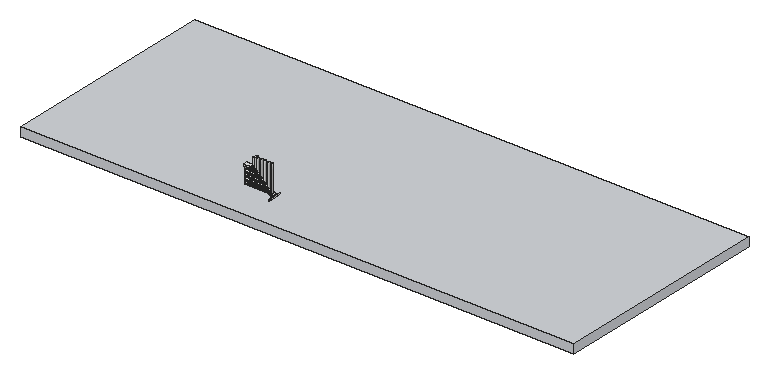
Revit family "Sunshade-Corner-Kawneer-Curtain_Wall-Inside_90", category Specialty Equipment, host Face, Revit 2015
Parameters (values of type "30"-Circular-Square")
  Width of Blades 2 [instance] = 0' - 0"
  Width of Blades 1 [instance] = 0' - 0"
  URL = "http://www.kawneer.com/kawneer/north_america/en/home.asp"
  Type Comments = ""
  Set 1 Inset = 0' - 5 1/4"
  Right Fascia Offset = 2' - 5 7/16"
  Product data url = "https://bimobject.com/kawneerna/product/04305"
  Product Page URL = "http://www.kawneer.com/kawneer/north_america/en/product.asp?cat_id=1463&prod_id=4305"
  Product Documentation Link = "http://www.kawneer.com/kawneer/north_america/catalog/pdf/Sun_Control/Versoleil_OutriggerCW_Flyer.pdf"
  Outrigger Type = Outrigger-Kawneer-Angle-Square : 5"
  Model = "Sunshade Inside 90 Degree Corner"  # constant formula
  Manufacturer = "Kawneer "  # constant formula
  Set 2 Inset = 0' - 5 1/4"
  Length = 2' - 6"
  Height of Bottom Fascia = Length  # 2' - 6"
  Height of Blade 1 = 0' - 5"
  Has 6th Blade = no
  Has 5th Blade = yes
  Finish = Aluminum - Kawneer - Clear
  Fascia Type = Fascia-Kawneer-Inside_Angle_Cut-Rectangular : Versoleil
  Distance Blade 5 and 6 = 0' - 0"
  Distance Blade 4 and 5 = 0' - 0"
  Distance Blade 3 and 4 = 0' - 0"
  Distance Blade 2 and 3 = 0' - 0"
  Distance Blade 1 and 2 = 0' - 0"
  Description = "Rounded Outrigger, Bullnose Fascias"
  Default Elevation = 4' - 0"
  Copyright © = "©2012 Kawneer  "  # constant formula
  CTRL Outrigger Angle = 0.00°
  CTRL Length of Blade = if(and(Length = 2' 6", CTRL Angle = 135.00°), 3' 6 109/256" - 0' 0 7/8", if(and(Length = 3' 0", CTRL Angle = 135.00°), 4' 2 233/256" - 0' 0 7/8", Length - 0' 2 1/32"))  # 3' - 5 141/256"
  CTRL Fascia Location = 0' - 0"
  CTRL Angle = 135.00°
  Bottom Fascia Offset = 2' - 5 1/4"
  Blade Type = Blade-Kawneer-Angle_Cut-Circular : Versoleil
  Blade Distance = 0' - 5"
  Blade 6 Location = if(Distance Blade 5 and 6 = 0' 1 1/4", 0' 1 1/4", if(Distance Blade 5 and 6 = 0' 3 1/16", 0' 3 1/16", Distance Blade 5 and 6))  # 0' - 0"
  Blade 5 Location = if(Distance Blade 4 and 5 = 0' 1 1/4", 0' 1 1/4", if(Distance Blade 4 and 5 = 0' 2 3/16", 0' 2 3/16", Distance Blade 4 and 5))  # 0' - 0"
  Blade 4 Location = if(Distance Blade 3 and 4 = 0' 1 1/4", 0' 1 1/4", if(Distance Blade 3 and 4 = 0' 1 1/4", 0' 1 1/4", Distance Blade 3 and 4))  # 0' - 0"
  Blade 3 Location = if(Distance Blade 2 and 3 = 0' 1 1/4", 0' 1 1/4", if(Distance Blade 2 and 3 = 0' 0 9/16", 0' 0 9/16", Distance Blade 2 and 3))  # 0' - 0"
  Blade 2 Location = if(Distance Blade 1 and 2 = 0' 1 1/4", 0' 1 1/4", if(Distance Blade 1 and 2 = 0' 0 1/8", 0' 0 1/8", Distance Blade 1 and 2))  # 0' - 0"
  Blade 1 Location = Distance Blade 1 and 2  # 0' - 0"
  Angle 1 = 135.00°
Reference planes (in)
  plane 1 "Center (Front/Back)": y = 0
  plane 2 "Orignal Bottom": z = -0.78125
  plane 3 "Center (Left/Right)": x = 3.30772
  plane 4 "Bracket Bottom": z = -0.78125
  plane 5 "Back of Blade Bottom  Set 2": x = -37.90336
  plane 6 "Blade 1": z = 4.21875
  plane 7 "Blade 2": z = 9.21875
  plane 8 "Top": z = 29.21875
  plane 9 "Blade 3": z = 14.21875
  plane 10 "Blade 4": z = 19.21875
  plane 11 "Blade 5": z = 24.21875
  plane 12 "Outrigger offset": x = 0.72164
  plane 13 "Left of Right Blade 1": x = -1.15336
  plane 14 "Left of Right Blade 2": x = -6.15336
  plane 15 "Left of Right Blade 3": x = -11.15336
  plane 16 "Left of Right Blade 4": x = -16.15336
  plane 17 "Right of Fascias": x = 3.59664
  plane 18 "Back of Right Blade Set": z = 41.21875
  plane 19 "Top of Bottom Blade 1": z = 4.46875
  plane 20 "Top of Bottom Blade 2": z = 9.46875
  plane 21 "Top of Bottom Blade 3": z = 14.46875
  plane 22 "Top of Bottom Blade 4": z = 19.46875
  plane 23 "Top of Bottom Blade 5": z = 24.46875
  plane 24 "Two": x = 4.09664
  plane 25 "Top of Fascia 2": z = 29.21875
  plane 26 "Left of Right Blade 5": x = -21.15336
  plane 27 "Center of Bottom Blade 1": x = -0.90336
  plane 28 "Center of Bottom Blade 2": x = -5.90336
  plane 29 "Center of Bottom Blade 3": x = -10.90336
  plane 30 "Center of Bottom Blade 4": x = -15.90336
  plane 31 "Center of Bottom Blade 5": x = -20.90336
  plane 32 "Top of Bottom Fascia": x = -25.90336
  plane 33 "Center of Bottom Blade 6": x = -25.90336
  plane 34 "Top of Bottom Blade 6": z = 29.46875
  plane 35 "Blade 6": z = 29.21875
  plane 36 "Left of Right Blade 6": x = -26.15336
  plane 37 "Center Left / Right Blade 1": y = 0
  plane 38 "Center Left / Right Blade 2": y = 0
  plane 39 "Center Left / Right Blade 3": y = 0
  plane 40 "Center Left / Right Blade 4": y = 0
  plane 41 "Center Left / Right Blade 5": y = 0
  plane 42 "Center Left / Right Blade 6": y = 0
  plane 43 "Center Fascia": y = 0
  plane 44 "Outrigger 2 Center": z = 2.59375
  plane 45 "Right of Outrigger 2": z = 2.125
  plane 46 "Right of Outrigger 1": x = 1.19039
  plane 47 "Right of Fascia": x = -25.34086
  plane 48 "Top Fascia Height": z = 28.46875
  plane 49 "Outrigger 2 CTRL Refferance": x = 4.08897
  plane 50: z = -0.78125
Forms (in)
  Extrusion 1, solid
    sketch origin (0, 0, -0.78125) x (1, 0, 0) y (0, 1, 0)
      loop
        line (-308.69228, 252) -> (-308.69228, -48) -> (451.57533, -48) -> (451.57533, 252) -> (-308.69228, 252)
    from 0 to -12
Dimensions and locks (in)
  locked: plane 4 "Bracket Bottom" to plane 2 "Orignal Bottom" at 0
  plane 3 "Center (Left/Right)" to plane 24 "Two" = 0' - 0.78892"
  "Length": plane 8 "Top" to plane 2 "Orignal Bottom"
  "Blade 1 Location": plane 37 "Center Left / Right Blade 1" to plane 1 "Center (Front/Back)"
  "CTRL Fascia Location": plane 43 "Center Fascia" to plane 1 "Center (Front/Back)"
  "Blade 6 Location": plane 42 "Center Left / Right Blade 6" to plane 1 "Center (Front/Back)"
  "Blade 5 Location": plane 41 "Center Left / Right Blade 5" to plane 1 "Center (Front/Back)"
  "Blade 4 Location": plane 40 "Center Left / Right Blade 4" to plane 1 "Center (Front/Back)"
  "Blade 3 Location": plane 39 "Center Left / Right Blade 3" to plane 1 "Center (Front/Back)"
  "Blade 2 Location": plane 38 "Center Left / Right Blade 2" to plane 1 "Center (Front/Back)"
  locked: plane 12 "Outrigger offset" to plane 46 "Right of Outrigger 1" at 0.46875
  locked: plane 44 "Outrigger 2 Center" to plane 45 "Right of Outrigger 2" at 0.46875
  locked: plane 45 "Right of Outrigger 2" to plane 4 "Bracket Bottom" at 2.90625
  "Blade Distance": plane 7 "Blade 2" to plane 6 "Blade 1"
  "Blade Distance": plane 9 "Blade 3" to plane 7 "Blade 2"
  "Blade Distance": plane 10 "Blade 4" to plane 9 "Blade 3"
  "Blade Distance": plane 11 "Blade 5" to plane 10 "Blade 4"
  "Blade Distance": plane 35 "Blade 6" to plane 11 "Blade 5"
  "Blade Distance": plane 36 "Left of Right Blade 6" to plane 26 "Left of Right Blade 5"
  "Blade Distance": plane 26 "Left of Right Blade 5" to plane 16 "Left of Right Blade 4"
  "Blade Distance": plane 16 "Left of Right Blade 4" to plane 15 "Left of Right Blade 3"
  "Blade Distance": plane 15 "Left of Right Blade 3" to plane 14 "Left of Right Blade 2"
  "Blade Distance": plane 14 "Left of Right Blade 2" to plane 13 "Left of Right Blade 1"
  "Blade Distance": plane 28 "Center of Bottom Blade 2" to plane 27 "Center of Bottom Blade 1"
  "Blade Distance": plane 29 "Center of Bottom Blade 3" to plane 28 "Center of Bottom Blade 2"
  "Blade Distance": plane 30 "Center of Bottom Blade 4" to plane 29 "Center of Bottom Blade 3"
  "Blade Distance": plane 31 "Center of Bottom Blade 5" to plane 30 "Center of Bottom Blade 4"
  "Blade Distance": plane 33 "Center of Bottom Blade 6" to plane 31 "Center of Bottom Blade 5"
  "Blade Distance": plane 20 "Top of Bottom Blade 2" to plane 19 "Top of Bottom Blade 1"
  "Blade Distance": plane 21 "Top of Bottom Blade 3" to plane 20 "Top of Bottom Blade 2"
  "Blade Distance": plane 22 "Top of Bottom Blade 4" to plane 21 "Top of Bottom Blade 3"
  "Blade Distance": plane 23 "Top of Bottom Blade 5" to plane 22 "Top of Bottom Blade 4"
  "Blade Distance": plane 34 "Top of Bottom Blade 6" to plane 23 "Top of Bottom Blade 5"
  "Set 1 Inset": plane 19 "Top of Bottom Blade 1" to plane 2 "Orignal Bottom"
  locked: plane 5 "Back of Blade Bottom  Set 2" to plane 32 "Top of Bottom Fascia" at 12
  locked: plane 18 "Back of Right Blade Set" to plane 8 "Top" at 12
  "Bottom Fascia Offset": plane 48 "Top Fascia Height" to plane 4 "Bracket Bottom"
  "Set 2 Inset": plane 13 "Left of Right Blade 1" to plane 24 "Two"
  "Right Fascia Offset": plane 47 "Right of Fascia" to plane 24 "Two"
  "Length": plane 32 "Top of Bottom Fascia" to plane 24 "Two"
  "Height of Blade 1": plane 27 "Center of Bottom Blade 1" to plane 24 "Two"
  locked: plane 3 "Center (Left/Right)" to plane 49 "Outrigger 2 CTRL Refferance" at 0.78125
  plane 50 to plane 4 "Bracket Bottom" = 0' - 0"
  "Height of Blade 1": plane 6 "Blade 1" to plane 50
  "Height of Bottom Fascia": plane 25 "Top of Fascia 2" to plane 2 "Orignal Bottom"
  aligned and locked: Extrusion 1 to plane 2 "Orignal Bottom"
  aligned: Extrusion 1 to level
  aligned: plane 1 "Center (Front/Back)" to nested 1
  aligned: plane 13 "Left of Right Blade 1" to nested 1  (x3)
  aligned: plane 14 "Left of Right Blade 2" to nested 2  (x2)
  aligned: plane 15 "Left of Right Blade 3" to nested 3  (x2)
  aligned: plane 16 "Left of Right Blade 4" to nested 4  (x2)
  aligned: plane 25 "Top of Fascia 2" to nested 6
  aligned: nested 6 to plane 26 "Left of Right Blade 5"
  aligned: nested 6 to plane 18 "Back of Right Blade Set"
  aligned: nested 1 to plane 5 "Back of Blade Bottom  Set 2"
  aligned: nested 2 to plane 5 "Back of Blade Bottom  Set 2"
  aligned: nested 3 to plane 5 "Back of Blade Bottom  Set 2"
  aligned: nested 4 to plane 5 "Back of Blade Bottom  Set 2"
  aligned: nested 5 to plane 5 "Back of Blade Bottom  Set 2"
  aligned: plane 32 "Top of Bottom Fascia" to nested 6
  aligned: plane 26 "Left of Right Blade 5" to nested 5
  aligned: plane 35 "Blade 6" to nested 7
  aligned: plane 36 "Left of Right Blade 6" to nested 7
  aligned: nested 7 to plane 5 "Back of Blade Bottom  Set 2"
  aligned: plane 1 "Center (Front/Back)" to nested 6
  aligned: plane 37 "Center Left / Right Blade 1" to nested 1
  aligned: plane 38 "Center Left / Right Blade 2" to nested 2
  aligned: plane 40 "Center Left / Right Blade 4" to nested 4
  aligned: plane 41 "Center Left / Right Blade 5" to nested 5
  aligned: plane 42 "Center Left / Right Blade 6" to nested 7
  aligned: nested 2 to plane 38 "Center Left / Right Blade 2"
  aligned: plane 39 "Center Left / Right Blade 3" to nested 3
  aligned: nested 4 to plane 40 "Center Left / Right Blade 4"
  aligned: nested 6 to plane 43 "Center Fascia"
  aligned and locked: nested 8 to plane 12 "Outrigger offset"
  aligned and locked: nested 1 to plane 6 "Blade 1"
  aligned and locked: nested 2 to plane 7 "Blade 2"
  aligned and locked: nested 3 to plane 9 "Blade 3"
  aligned and locked: nested 4 to plane 10 "Blade 4"
  aligned and locked: nested 5 to plane 11 "Blade 5"
  aligned and locked: nested 7 to plane 35 "Blade 6"
  aligned and locked: nested 2 to plane 14 "Left of Right Blade 2"
  aligned and locked: nested 3 to plane 15 "Left of Right Blade 3"
  aligned and locked: nested 4 to plane 16 "Left of Right Blade 4"
  aligned and locked: nested 5 to plane 26 "Left of Right Blade 5"
  aligned and locked: nested 7 to plane 36 "Left of Right Blade 6"
  aligned and locked: plane 5 "Back of Blade Bottom  Set 2" to nested 7
  aligned and locked: plane 5 "Back of Blade Bottom  Set 2" to nested 5
  aligned and locked: plane 5 "Back of Blade Bottom  Set 2" to nested 4  (x3)
  aligned and locked: plane 5 "Back of Blade Bottom  Set 2" to nested 3  (x2)
  aligned and locked: plane 5 "Back of Blade Bottom  Set 2" to nested 2  (x2)
  aligned and locked: plane 5 "Back of Blade Bottom  Set 2" to nested 1  (x2)
  aligned and locked: plane 46 "Right of Outrigger 1" to nested 8
  aligned and locked: nested 1 to plane 13 "Left of Right Blade 1"
  aligned: nested 6 to plane 32 "Top of Bottom Fascia"
  aligned and locked: plane 1 "Center (Front/Back)" to nested 8
  aligned: nested 6 to plane 25 "Top of Fascia 2"
  aligned: plane 18 "Back of Right Blade Set" to nested 6  (x4)
  aligned and locked: plane 43 "Center Fascia" to nested 6
  aligned and locked: plane 37 "Center Left / Right Blade 1" to nested 1
  aligned and locked: plane 38 "Center Left / Right Blade 2" to nested 2
  aligned and locked: plane 39 "Center Left / Right Blade 3" to nested 3
  aligned and locked: plane 40 "Center Left / Right Blade 4" to nested 4
  aligned and locked: plane 41 "Center Left / Right Blade 5" to nested 5
  aligned and locked: plane 42 "Center Left / Right Blade 6" to nested 7
  aligned and locked: plane 32 "Top of Bottom Fascia" to nested 6
  aligned and locked: nested 6 to plane 48 "Top Fascia Height"
  aligned: plane 19 "Top of Bottom Blade 1" to nested 9
  aligned and locked: plane 20 "Top of Bottom Blade 2" to nested 10
  aligned and locked: plane 22 "Top of Bottom Blade 4" to nested 11
  aligned and locked: plane 23 "Top of Bottom Blade 5" to nested 12
  aligned and locked: plane 34 "Top of Bottom Blade 6" to nested 13
  aligned and locked: plane 27 "Center of Bottom Blade 1" to nested 9
  aligned: plane 28 "Center of Bottom Blade 2" to nested 10
  aligned and locked: plane 30 "Center of Bottom Blade 4" to nested 11
  aligned and locked: plane 31 "Center of Bottom Blade 5" to nested 12
  aligned and locked: plane 33 "Center of Bottom Blade 6" to nested 13
  aligned: nested 9 to plane 18 "Back of Right Blade Set"
  aligned and locked: nested 10 to plane 18 "Back of Right Blade Set"
  aligned and locked: nested 11 to plane 18 "Back of Right Blade Set"
  aligned and locked: nested 12 to plane 18 "Back of Right Blade Set"
  aligned and locked: nested 13 to plane 18 "Back of Right Blade Set"
  aligned: plane 49 "Outrigger 2 CTRL Refferance" to plane 3 "Center (Left/Right)"
  aligned and locked: plane 44 "Outrigger 2 Center" to nested 14
  aligned and locked: nested 14 to plane 49 "Outrigger 2 CTRL Refferance"
  aligned and locked: nested 14 to plane 1 "Center (Front/Back)"
  aligned and locked: nested 13 to plane 42 "Center Left / Right Blade 6"
  aligned and locked: nested 12 to plane 41 "Center Left / Right Blade 5"
  aligned and locked: nested 11 to plane 40 "Center Left / Right Blade 4"
  aligned and locked: nested 10 to plane 38 "Center Left / Right Blade 2"
  aligned and locked: nested 9 to plane 37 "Center Left / Right Blade 1"
  aligned and locked: nested 9 to plane 18 "Back of Right Blade Set"  (x2)
  aligned and locked: plane 19 "Top of Bottom Blade 1" to nested 9
  aligned and locked: plane 18 "Back of Right Blade Set" to nested 6  (x2)
  aligned: nested 10 to plane 18 "Back of Right Blade Set"
  aligned: plane 29 "Center of Bottom Blade 3" to nested 10
  aligned and locked: plane 28 "Center of Bottom Blade 2" to nested 10
  aligned and locked: plane 29 "Center of Bottom Blade 3" to nested 15
  aligned and locked: plane 21 "Top of Bottom Blade 3" to nested 15
  aligned and locked: nested 15 to plane 18 "Back of Right Blade Set"
  aligned and locked: nested 15 to plane 39 "Center Left / Right Blade 3"
  aligned: nested 16 to plane 43 "Center Fascia"
  aligned: plane 32 "Top of Bottom Fascia" to nested 16  (x2)
  aligned and locked: nested 16 to plane 5 "Back of Blade Bottom  Set 2"
  aligned: nested 16 to plane 25 "Top of Fascia 2"
  aligned and locked: nested 16 to plane 43 "Center Fascia"
  aligned and locked: plane 47 "Right of Fascia" to nested 16
  aligned and locked: nested 16 to plane 25 "Top of Fascia 2"
Automatic sketch dimensions
  Extrusion 1 sketch curve to Extrusion 1 sketch curve = 63' - 4.26762"
  Extrusion 1 sketch curve to Extrusion 1 sketch curve = 25' - 0"
Nested families (in)
  nested 1: "Blade-Kawneer-Angle_Cut-Circular" at (-73.15336, 0, 5.71875) x (-1, 0, 0) z (0, 0, -1), Blade Materials <- "Finish", type <- "Blade Type", type "Versoleil"
    with CTRL Width 3' - 0 3/4", Blade Materials Aluminum - Kawneer - Clear
  nested 2: "Blade-Kawneer-Angle_Cut-Circular" at (-78.15336, 0, 10.71875) x (-1, 0, 0) z (0, 0, -1), Blade Materials <- "Finish", type <- "Blade Type", type "Versoleil"
    with CTRL Width 2' - 7 3/4", Blade Materials Aluminum - Kawneer - Clear
  nested 3: "Blade-Kawneer-Angle_Cut-Circular" at (-83.15336, 0, 15.71875) x (-1, 0, 0) z (0, 0, -1), Blade Materials <- "Finish", type <- "Blade Type", type "Versoleil"
    with CTRL Width 2' - 2 3/4", Blade Materials Aluminum - Kawneer - Clear
  nested 4: "Blade-Kawneer-Angle_Cut-Circular" at (-88.15336, 0, 20.71875) x (-1, 0, 0) z (0, 0, -1), Blade Materials <- "Finish", type <- "Blade Type", type "Versoleil"
    with CTRL Width 1' - 9 3/4", Blade Materials Aluminum - Kawneer - Clear
  nested 5: "Blade-Kawneer-Angle_Cut-Circular" at (-93.15336, 0, 25.71875) x (-1, 0, 0) z (0, 0, -1), visible <- "Has 5th Blade", Blade Materials <- "Finish", type <- "Blade Type", type "Versoleil"
    with CTRL Width 1' - 4 3/4", Blade Materials Aluminum - Kawneer - Clear
  nested 6: "Fascia-Kawneer-Inside_Angle_Cut-Rectangular" at (-23.40155, 0, 100.46875) x (0, 0, 1) z (-1, 0, 0), Fascias Materials <- "Finish", type <- "Fascia Type", type "Versoleil"
    with Fascias Materials Aluminum - Kawneer - Clear, CTRL Width 1' - 0 3/4", Void Offset 3' - 2"
  nested 7: "Blade-Kawneer-Angle_Cut-Circular" at (-98.15336, 0, 30.71875) x (-1, 0, 0) z (0, 0, -1), visible <- "Has 6th Blade", Blade Materials <- "Finish", type <- "Blade Type", type "Versoleil"
    with CTRL Width 0' - 11 3/4", Blade Materials Aluminum - Kawneer - Clear
  nested 8: "Outrigger-Kawneer-Angle-Square" at (0.72164, 0, -0.9375), type <- "Outrigger Type", Outrigger Angle <- "Angle 1", type "5""
    with Outrigger Length 3' - 3.55379", Outrigger Angle 135.00°, CTRL Blade Offset 1' - 9.2132", CTRL Angle 45.00°, Length 2' - 6", CTRL Length 2' - 3 31/32"
  nested 9: "Blade-Kawneer-Angle_Cut-Circular" at (-2.40336, 0, 76.46875) x (0, 0, 1) z (1, 0, 0), Blade Materials <- "Finish", type <- "Blade Type", type "Versoleil"
    with CTRL Width 3' - 0 3/4", Blade Materials Aluminum - Kawneer - Clear
  nested 10: "Blade-Kawneer-Angle_Cut-Circular" at (-7.40336, 0, 81.46875) x (0, 0, 1) z (1, 0, 0), Blade Materials <- "Finish", type <- "Blade Type", type "Versoleil"
    with CTRL Width 2' - 7 3/4", Blade Materials Aluminum - Kawneer - Clear
  nested 11: "Blade-Kawneer-Angle_Cut-Circular" at (-17.40336, 0, 91.46875) x (0, 0, 1) z (1, 0, 0), Blade Materials <- "Finish", type <- "Blade Type", type "Versoleil"
    with CTRL Width 1' - 9 3/4", Blade Materials Aluminum - Kawneer - Clear
  nested 12: "Blade-Kawneer-Angle_Cut-Circular" at (-22.40336, 0, 96.46875) x (0, 0, 1) z (1, 0, 0), Blade Materials <- "Finish", type <- "Blade Type", visible <- "Has 5th Blade", type "Versoleil"
    with CTRL Width 1' - 4 3/4", Blade Materials Aluminum - Kawneer - Clear
  nested 13: "Blade-Kawneer-Angle_Cut-Circular" at (-27.40336, 0, 101.46875) x (0, 0, 1) z (1, 0, 0), Blade Materials <- "Finish", type <- "Blade Type", visible <- "Has 6th Blade", type "Versoleil"
    with CTRL Width 0' - 11 3/4", Blade Materials Aluminum - Kawneer - Clear
  nested 14: "Outrigger-Kawneer-Angle-Square" at (4.08897, 0, 2.59375) x (0, 0, -1) z (-1, 0, 0), type <- "Outrigger Type", Outrigger Angle <- "Angle 1", type "5""
    with Outrigger Length 3' - 3.55379", Outrigger Angle 135.00°, CTRL Blade Offset 1' - 9.2132", CTRL Angle 45.00°, Length 2' - 6", CTRL Length 2' - 3 31/32"
  nested 15: "Blade-Kawneer-Angle_Cut-Circular" at (-12.40336, 0, 86.46875) x (0, 0, 1) z (1, 0, 0), Blade Materials <- "Finish", type <- "Blade Type", type "Versoleil"
    with CTRL Width 2' - 2 3/4", Blade Materials Aluminum - Kawneer - Clear
  nested 16: "Fascia-Kawneer-Inside_Angle_Cut-Rectangular" at (-97.34086, 0, 26.71694) x (-1, 0, 0) z (0, 0, 1), Fascias Materials <- "Finish", type <- "Fascia Type", type "Versoleil"
    with Fascias Materials Aluminum - Kawneer - Clear, CTRL Width 1' - 0 9/16", Void Offset 3' - 2"
Definition of nested family "Blade-Kawneer-Angle_Cut-Circular"
  Parameters
    Void Offset = 3' - 0"
    Void Angle = 45.00°
    Default Elevation = 4' - 0"
    CTRL Width [instance] = 12' - 0"
    Blade Materials [instance] = none
  Reference planes (in)
    plane 1 "Center (Front/Back)": y = 0
    plane 2 "Original Bottom": z = 0
    plane 3 "Center (Left/Right)": x = 0
    plane 4 "Left": x = -72
    plane 5 "Right": x = 72
    plane 6 "Front": y = -1.29687
    plane 7 "Back": y = 1.29687
    plane 8 "Top": z = 3
    plane 9 "Bottom": z = 1.5
    plane 10 "Void Angle": x = -69
    plane 11 "Top Offset Of Void": z = 3.03125
    plane 12 "Top offset of void": z = -0.03125
    plane 13 "Left Offset of Void": x = -72.03125
    plane 14 "Left Offset of Right": x = -68.96875
    plane 15 "Front Offset of Void": y = 1.32812
    plane 16 "Back Offset of Void": y = -1.32812
  Forms (in)
    Sweep 1, solid, material <- "Blade Materials", detail levels medium+fine
      path origin (10, 0, -1.63267) x (1, 0, 0) y (0, 0, 1)
        loop
          line (62, 8.91333) -> (-82, 8.91333)
      profile origin (0, 0, 7.28066) x (0, 0, -1) y (0, -1, 0)
        loop
          circle (6.01729, -0.01411) r 1.25
    Extrusion 2, void
      sketch origin (0, 0, 0) x (1, 0, 0) y (0, 0, 1)
        loop
          line (-72.03125, 3.03125) -> (-72.03125, -0.03125) -> (-68.96875, -0.03125) -> (-72.03125, 3.03125)
      from -1.32812 to 1.32812
  Cuts and joins
    Extrusion 2 cuts Sweep 1
  Lines and regions (in)
    Masking region 1
      outline origin (0, 0, 0) x (0, 1, 0) y (0, 0, 1)
        loop
          circle (0, 1.5) r 1.26407
    Masking region 2
      outline origin (0, 0, 0) x (1, 0, 0) y (0, 1, 0)
        loop
          line (72, 1.32812) -> (-72.03125, 1.32812) -> (-72.03125, -1.32812) -> (72, -1.32812) -> (72, 1.32812)
    Masking region 3
      outline origin (0, 0, 0) x (1, 0, 0) y (0, 0, 1)
        loop
          line (72, 3.03125) -> (-72.03125, 3.03125) -> (-68.96875, -0.03125) -> (72, -0.03125) -> (72, 3.03125)
    symbolic lines
      curve 1: circle (0, 0, 1.5) r 1.26407 normal (1, 0, 0)
      curve 2: arc (0, 1.26411, 1.26337) -> (0, 0.01411, 2.51337) -> (0, -1.23589, 1.26337) r 1.25
      curve 3: arc (0, -1.23589, 1.26337) -> (0, 0.01411, 0.01337) -> (0, 1.26411, 1.26337) r 1.25
      curve 6: line (-70.31469, -1.32812, 3) -> (60, -1.32812, 3)
      curve 7: line (72, 1.32812, 3) -> (-70.31469, 1.32812, 3)
      curve 8: line (-72, 0, 0) -> (72, 0, 0)
      curve 9: spline (-70.31469, 1.32812, 3) -> (-70.63822, 1.28287, 3) -> (-70.93969, 1.15019, 3) -> (-71.19858, 0.93913, 3) -> (-71.39722, 0.66406, 3) -> (-71.5221, 0.34374, 3) -> (-71.56469, 0, 3) -> (-71.5221, -0.34374, 3) -> (-71.39722, -0.66406, 3) -> (-71.19858, -0.93913, 3) -> (-70.93969, -1.15019, 3) -> (-70.63822, -1.28287, 3) -> (-70.31469, -1.32812, 3)
      curve 10: line (72, -1.29687, 3.03125) -> (-72.03125, -1.29687, 3.03125)
      curve 11: line (72, -1.29687, -0.03125) -> (72, -1.29687, 3.03125)
      curve 12: line (-68.96875, -1.29687, -0.03125) -> (72, -1.29687, -0.03125)
      curve 13: line (-72.03125, -1.29687, 3.03125) -> (-68.96875, -1.29687, -0.03125)
    model lines, detail levels coarse
      curve 4: line (-72, 0, 1.5) -> (72, 0, 1.5)
    reference lines
      curve 5: line (-69, 0, 0) -> (-72, 0, 3)
  Dimensions and locks (in)
    "CTRL Width": plane 4 "Left" to plane 5 "Right"
    equal spacing: plane 6 "Front", plane 1 "Center (Front/Back)", plane 7 "Back"
    equal spacing: plane 8 "Top", plane 9 "Bottom", plane 2 "Original Bottom"
    plane 4 "Left" to plane 10 "Void Angle" = 0' - 3"
    plane 8 "Top" to plane 2 "Original Bottom" = 0' - 3"
    plane 13 "Left Offset of Void" to plane 4 "Left" = 0' - 0 1/32"
    plane 10 "Void Angle" to plane 14 "Left Offset of Right" = 0' - 0 1/32"
    plane 2 "Original Bottom" to plane 12 "Top offset of void" = 0' - 0 1/32"
    plane 11 "Top Offset Of Void" to plane 8 "Top" = 0' - 0 1/32"
    plane 16 "Back Offset of Void" to plane 6 "Front" = 0' - 0 1/32"
    plane 7 "Back" to plane 15 "Front Offset of Void" = 0' - 0 1/32"
    "Void Angle": angle curve 5 to plane 2 "Original Bottom"
    "Void Angle": angle Extrusion 2 sketch curve to plane 12 "Top offset of void"
    aligned and locked: plane 4 "Left" to Sweep 1 sketch curve
    aligned and locked: plane 5 "Right" to Sweep 1 sketch curve
    aligned: Sweep 1 to plane 2 "Original Bottom"
    aligned: plane 8 "Top" to Sweep 1
    aligned: plane 6 "Front" to Sweep 1
    aligned: plane 7 "Back" to Sweep 1
    aligned and locked: plane 1 "Center (Front/Back)" to Masking region 1 sketch curve
    aligned and locked: plane 9 "Bottom" to Masking region 1 sketch curve
    aligned and locked: plane 1 "Center (Front/Back)" to curve 1
    aligned and locked: plane 9 "Bottom" to curve 1
    aligned and locked: curve 2 to Sweep 1
    aligned and locked: curve 3 to Sweep 1
    aligned and locked: plane 1 "Center (Front/Back)" to curve 4
    aligned and locked: plane 2 "Original Bottom" to curve 5
    aligned and locked: plane 10 "Void Angle" to curve 5
    aligned and locked: plane 4 "Left" to curve 5
    aligned and locked: Extrusion 2 sketch curve to plane 13 "Left Offset of Void"
    aligned and locked: Extrusion 2 to plane 15 "Front Offset of Void"
    aligned and locked: plane 16 "Back Offset of Void" to Extrusion 2
    aligned and locked: plane 13 "Left Offset of Void" to Extrusion 2 sketch curve
    aligned and locked: plane 11 "Top Offset Of Void" to Extrusion 2 sketch curve
    aligned and locked: plane 14 "Left Offset of Right" to Extrusion 2 sketch curve
    aligned and locked: plane 5 "Right" to Masking region 2 sketch curve
    aligned and locked: Masking region 2 sketch curve to plane 16 "Back Offset of Void"
    aligned and locked: Masking region 2 sketch curve to plane 15 "Front Offset of Void"
    aligned and locked: plane 13 "Left Offset of Void" to Masking region 2 sketch curve
    aligned and locked: Masking region 3 sketch curve to plane 11 "Top Offset Of Void"
    aligned and locked: plane 5 "Right" to Masking region 3 sketch curve
    aligned and locked: Masking region 3 sketch curve to plane 12 "Top offset of void"
    aligned and locked: plane 5 "Right" to curve 11
    aligned and locked: curve 10 to plane 11 "Top Offset Of Void"
    aligned and locked: curve 12 to plane 12 "Top offset of void"
  Automatic sketch dimensions
    level to Sweep 1 sketch curve = 0' - 7.28066"
    Sweep 1 sketch curve to profile plane = 0' - 6.01729"
    Sweep 1 sketch curve to plane 1 "Center (Front/Back)" = 0' - 0.01411"
    Sweep 1 sketch curve to Sweep 1 sketch curve = 0' - 1 1/4"
    curve 4 to plane 5 "Right" = 0' - 0"
    curve 4 to plane 4 "Left" = 0' - 0"
    plane 1 "Center (Front/Back)" to curve 8 = 0' - 0"
    curve 8 to plane 4 "Left" = 0' - 0"
    curve 8 to plane 5 "Right" = 0' - 0"
    curve 7 to plane 5 "Right" = 0' - 0"
    plane 16 "Back Offset of Void" to curve 6 = 0' - 0"
    curve 9 to plane 15 "Front Offset of Void" = 0' - 0"
    curve 6 to plane 5 "Right" = 1' - 0"
    plane 10 "Void Angle" to curve 9 = 0' - 1.31469"
    plane 14 "Left Offset of Right" to Masking region 3 sketch curve = 0' - 0"
    plane 13 "Left Offset of Void" to Masking region 3 sketch curve = 0' - 0"
    plane 14 "Left Offset of Right" to curve 13 = 0' - 0"
    plane 13 "Left Offset of Void" to curve 13 = 0' - 0"
    radius of Masking region 1 sketch curve = 0' - 1.26407"
    radius of curve 1 = 0' - 1.26407"
Definition of nested family "Fascia-Kawneer-Inside_Angle_Cut-Rectangular"
  Parameters
    Void Offset = 3' - 0"
    Void Angle = 45.00°
    Default Elevation = 4' - 0"
    CTRL Width [instance] = 12' - 0"
    Fascias Materials [instance] = none
  Reference planes (in)
    plane 1 "Center (Front/Back)": y = 0
    plane 2 "Original Bottom": z = 0
    plane 3 "Center (Left/Right)": x = 0
    plane 4 "Left": x = -72
    plane 5 "Right": x = 72
    plane 6 "Front": y = -2.5
    plane 7 "Back": y = 2.5
    plane 8 "Top": z = 2.50181
    plane 9 "Bottom": z = 0
    plane 10 "Void Angle": x = -69.5
    plane 11 "Top Offset of Void": z = 2.53306
    plane 12 "Bottom Offset of Void": z = -0.03125
    plane 13 "Left Offset of Bracket": x = -72.03125
    plane 14 "Right Offset of Void": x = -69.46875
    plane 15 "Back offset of Void": y = -3.5
    plane 16 "Front Offset of Void": y = 3.5
  Forms (in)
    Sweep 1, solid, material <- "Fascias Materials", detail levels medium+fine
      path origin (10, 0, -1.71798) x (1, 0, 0) y (0, 0, 1)
        loop
          line (62, 8.91333) -> (-82, 8.91333)
      profile origin (0, 0, 7.19535) x (0, 0, -1) y (0, -1, 0)
        loop
          line (4.69354, 2.5) -> (4.69354, -2.5) -> (7.19535, -2.5) -> (7.19535, 2.5) -> (4.69354, 2.5)
    Extrusion 2, void
      sketch origin (0, 0, 0) x (1, 0, 0) y (0, 0, 1)
        loop
          line (-72.03125, 2.53306) -> (-72.03125, -0.02944) -> (-69.46875, 2.53306) -> (-72.03125, 2.53306)
      from -3.5 to 3.5
  Cuts and joins
    Extrusion 2 cuts Sweep 1
  Lines and regions (in)
    Masking region 1
      outline origin (0, 0, 0) x (0, 1, 0) y (0, 0, 1)
        loop
          line (2.5, 2.50181) -> (-2.5, 2.50181) -> (-2.5, 0) -> (2.5, 0) -> (2.5, 2.50181)
    Masking region 2
      outline origin (0, 0, 0) x (1, 0, 0) y (0, 1, 0)
        loop
          line (72, 2.5) -> (-72.03125, 2.5) -> (-72.03125, -2.5) -> (72, -2.5) -> (72, 2.5)
    Masking region 3
      outline origin (0, 0, 0) x (1, 0, 0) y (0, 0, 1)
        loop
          line (72, 2.53306) -> (-69.46694, 2.53306) -> (-72.03125, -0.03125) -> (72, -0.03125) -> (72, 2.53306)
    symbolic lines
      curve 1: line (72, 2.5, 2.50181) -> (72, -2.5, 2.50181)
      curve 2: line (72, -2.5, 2.50181) -> (72, -2.5, 0)
      curve 3: line (72, -2.5, 0) -> (72, 2.5, 0)
      curve 4: line (72, 2.5, 0) -> (72, 2.5, 2.50181)
      curve 5: line (-72, 2.5, 2.50181) -> (-72, -2.5, 2.50181)
      curve 6: line (-72, -2.5, 2.50181) -> (-72, -2.5, 0)
      curve 7: line (-72, -2.5, 0) -> (-72, 2.5, 0)
      curve 8: line (-72, 2.5, 0) -> (-72, 2.5, 2.50181)
      curve 11: line (72, -2.5, 2.53306) -> (-69.5, -2.5, 2.53306)
      curve 12: line (72, -2.5, -0.03125) -> (72, -2.5, 2.53306)
      curve 13: line (-72.06431, -2.5, -0.03125) -> (72, -2.5, -0.03125)
      curve 14: line (-69.5, -2.5, 2.53306) -> (-72.06431, -2.5, -0.03125)
    symbolic lines, detail levels coarse
      curve 9: line (-72, 0, 2.50181) -> (72, 0, 2.50181)
    reference lines
      curve 10: line (-72, 0, 0) -> (-69.49819, 0, 2.50181)
    model lines, detail levels coarse
      curve 15: line (-72.03306, 2.5, -0.03125) -> (-69.46875, 2.5, 2.53306)
      curve 16: line (72, 2.5, 2.53306) -> (-69.46875, 2.5, 2.53306)
      curve 17: line (-72.03306, 2.5, -0.03125) -> (72, 2.5, -0.03125)
      curve 18: line (-69.5, -2.5, 2.50181) -> (-72.00181, -2.5, 0)
      curve 19: line (-72.00181, -2.5, 0) -> (72, -2.5, 0)
      curve 20: line (72, -2.5, 2.53306) -> (-69.5, -2.5, 2.53306)
      curve 21: line (72, -2.5, 2.53306) -> (72, -2.5, -0.03125)
      curve 22: line (-69.5, -2.5, 2.50181) -> (-69.5, 2.5, 2.50181)
      curve 23: line (72, -2.5, 2.50181) -> (72, -2.5, 0)
      curve 24: line (-72, -2.5, 0) -> (-72, 2.5, 0)
      curve 25: line (72, 2.5, 2.53306) -> (72, -2.5, 2.53306)
      curve 26: line (72, 2.5, 0) -> (72, 2.5, 2.53306)
      curve 27: line (72, -2.5, 0) -> (72, 2.5, 0)
      curve 28: line (72, -2.5, 2.53306) -> (72, -2.5, 0)
  Dimensions and locks (in)
    "CTRL Width": plane 4 "Left" to plane 5 "Right"
    equal spacing: plane 6 "Front", plane 1 "Center (Front/Back)", plane 7 "Back"
    plane 8 "Top" to plane 9 "Bottom" = 0' - 2.50181"  (x2)
    plane 4 "Left" to plane 10 "Void Angle" = 0' - 2 1/2"
    plane 9 "Bottom" to plane 12 "Bottom Offset of Void" = 0' - 0 1/32"
    plane 11 "Top Offset of Void" to plane 8 "Top" = 0' - 0 1/32"
    plane 13 "Left Offset of Bracket" to plane 4 "Left" = 0' - 0 1/32"
    plane 10 "Void Angle" to plane 14 "Right Offset of Void" = 0' - 0 1/32"
    "Void Angle": angle plane 12 "Bottom Offset of Void" to curve 10
    aligned and locked: plane 4 "Left" to Sweep 1 sketch curve
    aligned and locked: plane 5 "Right" to Sweep 1 sketch curve
    aligned: Sweep 1 to plane 2 "Original Bottom"  (x2)
    aligned: plane 8 "Top" to Sweep 1
    aligned: plane 6 "Front" to Sweep 1
    aligned: plane 7 "Back" to Sweep 1
    aligned and locked: plane 9 "Bottom" to plane 2 "Original Bottom"
    aligned and locked: Sweep 1 to plane 9 "Bottom"
    aligned and locked: plane 8 "Top" to Sweep 1
    aligned and locked: plane 7 "Back" to Sweep 1
    aligned and locked: plane 6 "Front" to Sweep 1
    aligned and locked: Masking region 1 sketch curve to Sweep 1  (x4)
    aligned and locked: curve 1 to Masking region 1
    aligned and locked: curve 2 to Masking region 1
    aligned and locked: curve 3 to Masking region 1
    aligned and locked: curve 4 to Masking region 1
    aligned and locked: curve 5 to curve 1
    aligned and locked: curve 6 to curve 2
    aligned and locked: curve 7 to curve 3
    aligned and locked: curve 8 to curve 4
    aligned and locked: plane 4 "Left" to curve 10
    aligned and locked: plane 9 "Bottom" to curve 10
    aligned and locked: Extrusion 2 sketch curve to plane 11 "Top Offset of Void"
    aligned and locked: Extrusion 2 sketch curve to plane 13 "Left Offset of Bracket"
    aligned and locked: plane 16 "Front Offset of Void" to Extrusion 2
    aligned and locked: Extrusion 2 to plane 15 "Back offset of Void"
    aligned and locked: plane 13 "Left Offset of Bracket" to Masking region 2 sketch curve
    aligned and locked: plane 5 "Right" to Masking region 2 sketch curve
    aligned and locked: Masking region 2 sketch curve to plane 6 "Front"
    aligned and locked: Masking region 2 sketch curve to plane 7 "Back"
    aligned and locked: plane 5 "Right" to Masking region 3 sketch curve
    aligned and locked: plane 11 "Top Offset of Void" to Masking region 3 sketch curve
    aligned and locked: Masking region 3 sketch curve to plane 12 "Bottom Offset of Void"
    aligned and locked: curve 13 to plane 12 "Bottom Offset of Void"
    aligned and locked: plane 5 "Right" to curve 12
    aligned and locked: curve 15 to cut or joined group of Sweep 1, Extrusion 2
    aligned and locked: plane 11 "Top Offset of Void" to curve 16
    aligned and locked: curve 17 to plane 12 "Bottom Offset of Void"
    aligned and locked: curve 18 to cut or joined group of Sweep 1, Extrusion 2
    aligned and locked: plane 11 "Top Offset of Void" to curve 20
    aligned and locked: curve 19 to plane 9 "Bottom"
    aligned and locked: curve 21 to plane 5 "Right"
    aligned and locked: curve 22 to plane 8 "Top"
    aligned and locked: curve 28 to plane 6 "Front"
    aligned and locked: plane 11 "Top Offset of Void" to curve 25
  Automatic sketch dimensions
    level to Sweep 1 sketch curve = 0' - 7.19535"
    Sweep 1 sketch curve to plane 1 "Center (Front/Back)" = 0' - 2 1/2"
    Sweep 1 sketch curve to profile plane = 0' - 4.69354"
    Sweep 1 sketch curve to Sweep 1 sketch curve = 0' - 2.50181"
    plane 1 "Center (Front/Back)" to Sweep 1 sketch curve = 0' - 2 1/2"
    plane 1 "Center (Front/Back)" to curve 9 = 0' - 0"
    curve 9 to plane 5 "Right" = 0' - 0"
    curve 9 to plane 4 "Left" = 0' - 0"
    plane 14 "Right Offset of Void" to Extrusion 2 sketch curve = 0' - 0"
    plane 12 "Bottom Offset of Void" to Extrusion 2 sketch curve = 0' - 0.00181"
    Masking region 3 sketch curve to plane 14 "Right Offset of Void" = 0' - 0.00181"
    plane 13 "Left Offset of Bracket" to Masking region 3 sketch curve = 0' - 0"
    plane 10 "Void Angle" to curve 20 = 0' - 0"
    curve 18 to plane 8 "Top" = 0' - 0"
    curve 21 to curve 19 = 0' - 0"
    plane 13 "Left Offset of Bracket" to curve 13 = 0' - 0.03306"
    curve 22 to plane 7 "Back" = 0' - 0"
    curve 22 to plane 6 "Front" = 0' - 0"
    curve 16 to plane 5 "Right" = 0' - 0"
    curve 17 to plane 5 "Right" = 0' - 0"
Definition of nested family "Outrigger-Kawneer-Angle-Square"
  Parameters
    Thickness = 0' - 1 3/32"
    Outrigger Width = 0' - 5"
    Length = 3' - 0"
    Default Elevation = 4' - 0"
    Outrigger Length [instance] = CTRL Length / sin(CTRL Angle)  # 4' - 0 5/128"
    CTRL Width = 0' - 0 15/16"
    Outrigger Materials = none
    CTRL Length = Length - 0' 2 1/32"  # 2' - 9 31/32"
    CTRL Blade Offset [instance] = cos(CTRL Angle) * Length  # 2' - 1.45584"
    CTRL Angle [instance] = if(Angle > 90.00°, 180.00° - Angle, Angle)  # 45.00°
    Outrigger Angle [instance] = 90.00°
    Angle = 45.00°
  Reference planes (in)
    plane 1 "Center (Front/Back)": y = 0
    plane 2 "Original Bottom": z = 0
    plane 3 "Center (Left/Right)": x = 0
    plane 4 "Left": x = -0.46875
    plane 5 "Right": x = 0.46875
    plane 6 "Front": y = -2.5
    plane 7 "Back": y = 2.5
    plane 8 "Top": z = 36
    plane 9 "Bottom": z = 0
    plane 10 "Top of Braket": z = 2.9
    plane 11 "Right of Braket": y = 7.53105
    plane 12 "Left of Bracket": y = -7.53105
    plane 13 "Right of Left Bracket": x = -0.21875
    plane 14 "Left of Right Bracket": x = 0.21875
    plane 15 "CTRL Height": z = 2.025
    plane 16: x = -25.23709
  Forms (in)
    Sweep 1, solid, material <- "Outrigger Materials"
      path origin (10, 0, 3.04406) x (1, 0, 0) y (0, 0, 1)
        loop
          line (-9.37469, -1.01906) -> (-10.46875, -1.01906)
      profile origin (0.07828, 0, 2.025) x (0, 0, -1) y (0, -1, 0)
        loop
          line (-48.03907, 2.5) -> (-48.03907, -2.5) -> (0, -2.5) -> (0, 2.5) -> (-48.03907, 2.5)
    Sweep 2, solid, material <- "Outrigger Materials", detail levels fine
      path origin (0, 0, -1.03601) x (1, 0, 0) y (0, 0, 1)
        loop
          line (0.46875, 36.5) -> (-0.46875, 36.5)
      profile origin (0, 0, 35.46399) x (0, 0, -1) y (0, -1, 0)
        loop
          line (32.56399, 2.5) -> (32.56399, -2.50126) -> (34.48003, -4.78471)
          arc (34.48003, -4.78471) -> (34.65368, -5.08548) -> (34.71399, -5.4275) r 1
          line (34.71399, -5.4275) -> (34.71399, -7.53105) -> (35.46399, -7.53105) -> (35.46399, 7.46895) -> (34.71399, 7.46895) -> (34.71399, 5.3654)
          arc (34.71399, 5.3654) -> (34.65368, 5.02338) -> (34.48003, 4.72261) r 1
          line (34.48003, 4.72261) -> (32.56399, 2.5)
  Lines and regions (in)
    Masking region 1
      outline origin (0, 0, 0) x (1, 0, 0) y (0, 0, 1)
        loop
          line (-0.46875, 50.06407) -> (-0.46875, 2.025) -> (0.625, 2.025) -> (0.625, 50.06407) -> (-0.46875, 50.06407)
    Masking region 2
      outline origin (0, 2.5, 0) x (-1, 0, 0) y (0, 0, 1)
        loop
          line (-0.46875, 2.9) -> (-0.46875, 0) -> (0.46875, 0) -> (0.46875, 2.9) -> (-0.46875, 2.9)
    Masking region 3
      outline origin (0.46875, 0, 0) x (0, -1, 0) y (0, 0, 1)
        loop
          line (-2.5, 36) -> (-2.5, 2.025) -> (2.5, 2.025) -> (2.5, 36) -> (-2.5, 36)
    symbolic lines, detail levels medium+fine
      curve 1: line (-0.46875, -2.5, 2.9) -> (-0.46875, -4.72261, 0.98396)
      curve 2: arc (-0.46875, -4.72261, 0.98396) -> (-0.46875, -5.02338, 0.81031) -> (-0.46875, -5.3654, 0.75) r 1
      curve 3: line (-0.46875, -5.3654, 0.75) -> (-0.46875, -7.46895, 0.75)
      curve 4: line (-0.46875, -7.46895, 0.75) -> (-0.46875, -7.46895, 0)
      curve 6: line (-0.46875, 7.53105, 0) -> (-0.46875, 7.53105, 0.75)
      curve 7: line (-0.46875, 7.53105, 0.75) -> (-0.46875, 5.4275, 0.75)
      curve 8: arc (-0.46875, 5.4275, 0.75) -> (-0.46875, 5.08548, 0.81031) -> (-0.46875, 4.78471, 0.98396) r 1
      curve 9: line (-0.46875, 4.78471, 0.98396) -> (-0.46875, 2.5, 2.9)
      curve 17: line (0.46875, -2.5, 2.9) -> (0.46875, -4.72261, 0.98396)
      curve 18: arc (0.46875, -4.72261, 0.98396) -> (0.46875, -5.02338, 0.81031) -> (0.46875, -5.3654, 0.75) r 1
      curve 19: line (0.46875, -5.3654, 0.75) -> (0.46875, -7.46895, 0.75)
      curve 20: line (0.46875, -7.46895, 0.75) -> (0.46875, -7.46895, 0)
      curve 22: line (0.46875, 7.53105, 0) -> (0.46875, 7.53105, 0.75)
      curve 23: line (0.46875, 7.53105, 0.75) -> (0.46875, 5.4275, 0.75)
      curve 24: arc (0.46875, 5.4275, 0.75) -> (0.46875, 5.08548, 0.81031) -> (0.46875, 4.78471, 0.98396) r 1
      curve 25: line (0.46875, 4.78471, 0.98396) -> (0.46875, 2.5, 2.9)
    symbolic lines
      curve 5: line (-0.46875, -7.46895, 0) -> (-0.46875, 7.53105, 0)
      curve 21: line (0.46875, 7.53105, 0) -> (0.46875, -7.46895, 0)
    symbolic lines, detail levels fine
      curve 10: line (-0.46875, 2.5, 2.9) -> (-0.46875, -2.5, 2.9)
      curve 11: line (0.46875, -2.5, 2.9) -> (0.46875, 2.5, 2.9)
      curve 15: line (-0.19531, -2.5, 2.025) -> (-0.19531, -2.5, 50.06407)
      curve 16: line (0.35156, -2.5, 2.025) -> (0.35156, -2.5, 50.06407)
    model lines, detail levels medium
      curve 12: line (-0.46875, 7.53105, 0) -> (0.46875, 7.53105, 0)
      curve 13: line (-0.46875, -7.53105, 0) -> (0.46875, -7.53105, 0)
    symbolic lines, detail levels medium
      curve 14: line (0.07813, -2.5, 2.025) -> (0.07813, -2.5, 50.06407)
  Dimensions and locks (in)
    "CTRL Width": plane 4 "Left" to plane 5 "Right"
    equal spacing: plane 4 "Left", plane 3 "Center (Left/Right)", plane 5 "Right"
    equal spacing: plane 6 "Front", plane 1 "Center (Front/Back)", plane 7 "Back"
    "Length": plane 8 "Top" to plane 9 "Bottom"
    locked: plane 12 "Left of Bracket" to plane 11 "Right of Braket" at 15.0621
    locked: plane 4 "Left" to plane 13 "Right of Left Bracket" at 0.25
    locked: plane 14 "Left of Right Bracket" to plane 5 "Right" at 0.25
    plane 10 "Top of Braket" to plane 15 "CTRL Height" = 0' - 0 7/8"
    "Outrigger Length": Sweep 1 sketch curve to Sweep 1 sketch curve
    plane 15 "CTRL Height" to plane 9 "Bottom" = 0' - 2.025"
    "CTRL Blade Offset": plane 16 to plane 14 "Left of Right Bracket"
    locked: plane 12 "Left of Bracket" to plane 6 "Front" at 5.03105
    locked: plane 7 "Back" to plane 11 "Right of Braket" at 5.03105
    "Thickness": Masking region 1 sketch curve to Masking region 1 sketch curve
    "Outrigger Width": Sweep 1 to Sweep 1
    equal spacing: Masking region 1, curve 15, curve 14, curve 16, Masking region 1
    "Outrigger Length": Masking region 1 sketch curve to Masking region 1 sketch curve
    "Outrigger Angle": angle plane 3 "Center (Left/Right)" to Sweep 1 sketch curve
    "Outrigger Angle": angle plane 15 "CTRL Height" to Masking region 1 sketch curve
    aligned: Sweep 1 to plane 2 "Original Bottom"  (x2)
    aligned: plane 8 "Top" to Sweep 1  (x3)
    aligned: plane 6 "Front" to Sweep 1  (x2)
    aligned: plane 7 "Back" to Sweep 1  (x2)
    aligned: plane 9 "Bottom" to plane 2 "Original Bottom"
    aligned: Sweep 1 to plane 9 "Bottom"  (x6)
    aligned: Sweep 1 to plane 7 "Back"  (x4)
    aligned: Sweep 1 to plane 6 "Front"  (x6)
    aligned and locked: plane 9 "Bottom" to plane 2 "Original Bottom"
    aligned and locked: plane 5 "Right" to Sweep 2 sketch curve
    aligned and locked: plane 4 "Left" to Sweep 2 sketch curve
    aligned and locked: Sweep 2 to plane 9 "Bottom"  (x4)
    aligned and locked: plane 11 "Right of Braket" to Sweep 2
    aligned and locked: plane 10 "Top of Braket" to Sweep 2  (x2)
    aligned and locked: Sweep 1 sketch curve to plane 6 "Front"
    aligned and locked: Sweep 1 sketch curve to plane 7 "Back"
    aligned and locked: plane 4 "Left" to Sweep 1 sketch curve
    aligned and locked: plane 15 "CTRL Height" to Sweep 1 sketch curve
    aligned and locked: Sweep 1 to plane 7 "Back"
    aligned and locked: Sweep 1 to plane 6 "Front"
    aligned and locked: plane 15 "CTRL Height" to Sweep 1
    aligned and locked: curve 12 to plane 9 "Bottom"
    aligned and locked: curve 13 to plane 9 "Bottom"
    aligned and locked: plane 15 "CTRL Height" to Masking region 1 sketch curve
    aligned and locked: plane 4 "Left" to Masking region 1 sketch curve
    aligned and locked: curve 17 to curve 1
    aligned and locked: curve 18 to curve 2
    aligned and locked: plane 5 "Right" to Masking region 2 sketch curve
    aligned and locked: plane 4 "Left" to Masking region 2 sketch curve
    aligned and locked: plane 10 "Top of Braket" to Masking region 2 sketch curve
    aligned and locked: Masking region 2 sketch curve to level
    aligned and locked: Sweep 1 to curve 15  (x2)
    aligned and locked: Sweep 1 to curve 14  (x2)
    aligned and locked: Sweep 1 to curve 16  (x2)
    aligned and locked: Masking region 3 sketch curve to plane 15 "CTRL Height"
    aligned and locked: plane 8 "Top" to Masking region 3 sketch curve
    aligned and locked: Masking region 3 sketch curve to plane 7 "Back"
    aligned and locked: Masking region 3 sketch curve to plane 6 "Front"
  Automatic sketch dimensions
    Sweep 1 sketch curve to profile plane = 0' - 0"
    Sweep 2 sketch curve to plane 8 "Top" = 0' - 0.53601"
    plane 1 "Center (Front/Back)" to Sweep 2 sketch curve = 0' - 2 1/2"
    Sweep 2 sketch curve to profile plane = 2' - 8.56399"
    Sweep 2 sketch curve to Sweep 2 sketch curve = 0' - 1.15"  (x2)
    Sweep 2 sketch curve to plane 1 "Center (Front/Back)" = 0' - 4.78471"
    Sweep 2 sketch curve to Sweep 2 sketch curve = 0' - 0.76604"  (x2)
    plane 1 "Center (Front/Back)" to Sweep 2 sketch curve = 0' - 4.72261"
    Sweep 2 sketch curve to Sweep 2 sketch curve = 0' - 1"  (x2)
    Sweep 2 sketch curve to Sweep 2 sketch curve = 0' - 0 3/4"
    Sweep 2 sketch curve to Sweep 2 sketch curve = 0' - 2.10355"  (x2)
    Sweep 2 sketch curve to plane 1 "Center (Front/Back)" = 0' - 2.50126"
    curve 11 to plane 7 "Back" = 0' - 0"
    curve 13 to plane 5 "Right" = 0' - 0"
    plane 4 "Left" to curve 13 = 0' - 0"
    curve 12 to plane 5 "Right" = 0' - 0"
    plane 4 "Left" to curve 12 = 0' - 0"
    curve 11 to plane 10 "Top of Braket" = 0' - 0"
    curve 10 to plane 7 "Back" = 0' - 0"
    curve 1 to plane 6 "Front" = 0' - 0"
    curve 1 to plane 10 "Top of Braket" = 0' - 0"
    curve 8 to plane 15 "CTRL Height" = 0' - 0.275"
    plane 11 "Right of Braket" to curve 8 = 0' - 2.10355"
    curve 8 to curve 8 = 0' - 0.64279"
    curve 1 to plane 6 "Front" = 0' - 2.22261"
    curve 1 to curve 3 = 0' - 0.64279"
    curve 2 to plane 15 "CTRL Height" = 0' - 0.275"
    curve 7 to curve 9 = 0' - 0.23396"
    curve 22 to curve 22 = 0' - 0 3/4"
    curve 22 to curve 23 = 0' - 2.10355"
    curve 24 to curve 24 = 0' - 0.64279"
    curve 24 to curve 24 = 0' - 0.23396"
    curve 20 to level = 0' - 0"
    curve 19 to plane 12 "Left of Bracket" = 0' - 0.0621"
    curve 6 to plane 11 "Right of Braket" = 0' - 0"
    level to curve 6 = 0' - 0"
    plane 12 "Left of Bracket" to curve 4 = 0' - 0.0621"
    level to curve 2 = 0' - 0 3/4"
    curve 21 to plane 11 "Right of Braket" = 0' - 0"
